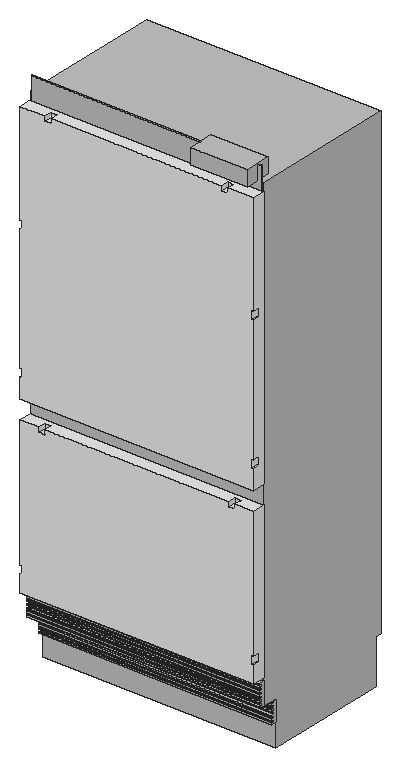
Revit family "FP_Revit_18_RS9120WRJ1_Fridge_90001179A", category Specialty Equipment, Revit 2018 (continued)
Definition of nested family "F&P Handle Kit - Contemporary Round - Horizontal"
  Parameters (values of type "25374 AHS-ASBI-A - Contemporary round handle (2 of 2) (Horizontal) 746mm")
    Manufacturer = "Fisher & Paykel Appliances"
    Description = "Kit for RS36A"
  Types (11, lengths in mm): name | Product - Width | Description
    (no name) | 746 | "Kit for RS36A"
    AHSRD2484W - Contemporary round handle (2 of 2) (Horizontal) 494mm | 494 | ""
    AHSRD3084W - Contemporary round handle (2 of 2) (Horizontal) 646mm | 646 | ""
    AHSRS3272A - Contemporary round handle (2 of 2) (Horizontal) 646mm | 646 | ""
    AHSRS80A - Contemporary round handle (2 of 2) (Horizontal) 646mm | 646 | ""
    AHSRD6121W - Contemporary round handle (2 of 2) (Horizontal) 494mm | 494 | ""
    AHSRD7621W - Contemporary round handle (2 of 2) (Horizontal) 646mm | 646 | ""
    25374 AHS-ASBI-A - Contemporary round handle (2 of 2) (Horizontal) 746mm | 746 | "Kit for RS36A"
    25329 AHS-ASBI-A - Contemporary round handle (2 of 2) (Horizontal) 746mm | 746 | "Kit for RS90"
    25380 AHS-ASBI-B - Contemporary round handle (2 of 2) (Horizontal) 746mm | 746 | "Kit for RS36"
    25339 AHS-ASBI-B - Contemporary round handle (2 of 2) (Horizontal) 746mm | 746 | "Kit for RS9120W"
  Reference planes
    plane 1 "Center (Front/Back)": y = 0
    plane 2: z = 0
    plane 3 "Center (Left/Right)": x = 0
    plane 4 "Product LHS": x = -373
    plane 5 "Product RHS": x = 373
    plane 6 "LHS Standoff": x = -252.995
    plane 7 "RHS Standoff": x = 253.005
  Forms (mm)
    Extrusion 1, solid, material <- "Material - Handle"
      sketch origin (0, 0, 0) x (0, 1, 0) y (0, 0, 1)
        loop
          circle (-32.3, 0) r 8.7
      from -252.995 to 253.005
    Extrusion 2, solid, material <- "Material - Handle", detail levels fine
      sketch origin (0, 0, 0) x (0, 1, 0) y (0, 0, 1)
        loop
          line (0, 8.7) -> (-32.3, 8.7)
          arc (-32.3, 8.7) -> (-41, 0) -> (-32.3, -8.7) r 8.7
          line (-32.3, -8.7) -> (0, -8.7) -> (0, 8.7)
      from 253.005 to 373
    Extrusion 3, solid, material <- "Material - Handle", detail levels fine
      sketch origin (0, 0, 0) x (0, 1, 0) y (0, 0, -1)
        loop
          line (0, -8.7) -> (0, 8.7) -> (-32.3, 8.7)
          arc (-32.3, 8.7) -> (-41, 0) -> (-32.3, -8.7) r 8.7
          line (-32.3, -8.7) -> (0, -8.7)
      from 252.995 to 373
    Sweep 4, void
      path in 3D
        loop
          line (373, 0, 8.7) -> (373, -32.3, 8.7)
          arc (373, -32.3, 8.7) -> (373, -41, 0) -> (373, -32.3, -8.7) r 8.7
          line (373, -32.3, -8.7) -> (373, 0, -8.7)
      profile origin (373, -16.15, 8.7) x (1, 0, 0) y (0, 0, 1)
        loop
          line (0, 0) -> (-1, 0) -> (0, -1) -> (0, 0)
    Sweep 5, void
      path in 3D
        loop
          line (-373, 0, -8.7) -> (-373, -32.3, -8.7)
          arc (-373, -32.3, -8.7) -> (-373, -41, 0) -> (-373, -32.3, 8.7) r 8.7
          line (-373, -32.3, 8.7) -> (-373, 0, 8.7)
      profile origin (-373, -16.15, 8.7) x (-1, 0, 0) y (0, 0, 1)
        loop
          line (0, 0) -> (-1, 0) -> (0, -1) -> (0, 0)
    Extrusion 6, solid, material <- "Material - Handle", detail levels coarse+medium
      sketch origin (0, 0, 0) x (0, 1, 0) y (0, 0, 1)
        loop
          line (0, 8.7) -> (-32.3, 8.7)
          arc (-32.3, 8.7) -> (-41, 0) -> (-32.3, -8.7) r 8.7
          line (-32.3, -8.7) -> (0, -8.7) -> (0, 8.7)
      from 253.005 to 373
    Extrusion 7, solid, material <- "Material - Handle", detail levels coarse+medium
      sketch origin (0, 0, 0) x (0, 1, 0) y (0, 0, -1)
        loop
          line (0, -8.7) -> (0, 8.7) -> (-32.3, 8.7)
          arc (-32.3, 8.7) -> (-41, 0) -> (-32.3, -8.7) r 8.7
          line (-32.3, -8.7) -> (0, -8.7)
      from 252.995 to 373
  Cuts and joins
    Sweep 4 cuts Extrusion 2
    Sweep 5 cuts Extrusion 3
  Lines and regions (mm)
    sketch lines
      curve 1: line (373, 0, 8.7) -> (373, -32.3, 8.7)
      curve 2: arc (373, -32.3, -8.7) -> (373, -41, 0) -> (373, -32.3, 8.7) r 8.7
      curve 3: line (373, -32.3, -8.7) -> (373, 0, -8.7)
      curve 4: line (-373, -32.3, 8.7) -> (-373, 0, 8.7)
      curve 5: arc (-373, -32.3, 8.7) -> (-373, -41, 0) -> (-373, -32.3, -8.7) r 8.7
      curve 6: line (-373, 0, -8.7) -> (-373, -32.3, -8.7)
  Dimensions and locks
    equal spacing: plane 4 "Product LHS", plane 3 "Center (Left/Right)", plane 5 "Product RHS"
    "Product - Width": plane 4 "Product LHS" to plane 5 "Product RHS"
    locked: plane 4 "Product LHS" to plane 6 "LHS Standoff" at 120.005
    locked: plane 7 "RHS Standoff" to plane 5 "Product RHS" at 119.995
    equal spacing: Extrusion 2 sketch curve, level, Extrusion 2 sketch curve
    Extrusion 3 sketch curve to Extrusion 3 sketch curve = 17.4 mm
    Extrusion 6 sketch curve to Extrusion 6 sketch curve = 17.4 mm
    Extrusion 7 sketch curve to Extrusion 7 sketch curve = 17.4 mm
    aligned and locked: level to plane 2
    aligned and locked: plane 7 "RHS Standoff" to Extrusion 1
    aligned and locked: Extrusion 2 to Extrusion 1
    aligned and locked: Extrusion 2 to plane 5 "Product RHS"
    aligned and locked: plane 4 "Product LHS" to Extrusion 3
    aligned and locked: plane 6 "LHS Standoff" to Extrusion 3
    aligned and locked: Extrusion 1 to plane 6 "LHS Standoff"
    aligned and locked: Extrusion 6 to Extrusion 1
    aligned and locked: Extrusion 6 to plane 5 "Product RHS"
    aligned and locked: plane 4 "Product LHS" to Extrusion 7
    aligned and locked: Extrusion 7 to Extrusion 1
  Automatic sketch dimensions
    Extrusion 1 sketch curve to level = 0 mm
    plane 1 "Center (Front/Back)" to Extrusion 1 sketch curve = 32.3 mm
    Extrusion 2 sketch curve to plane 1 "Center (Front/Back)" = 0 mm
    Extrusion 2 sketch curve to level = 8.7 mm
    plane 1 "Center (Front/Back)" to Extrusion 2 sketch curve = 32.3 mm
    Extrusion 3 sketch curve to level = 0 mm
    Extrusion 3 sketch curve to plane 1 "Center (Front/Back)" = 0 mm
    Extrusion 3 sketch curve to level = 8.7 mm
    plane 1 "Center (Front/Back)" to Extrusion 3 sketch curve = 32.3 mm
    Sweep 4 sketch curve to profile plane = 0 mm
    profile plane to Sweep 4 sketch curve = 0 mm
    profile plane to Sweep 4 sketch curve = 1 mm
    Sweep 4 sketch curve to profile plane = 1 mm
    Sweep 5 sketch curve to profile plane = 0 mm  (x2)
    profile plane to Sweep 5 sketch curve = 1 mm
    Sweep 5 sketch curve to profile plane = 1 mm
    Extrusion 6 sketch curve to level = 0 mm
    level to Extrusion 6 sketch curve = 8.7 mm
    plane 1 "Center (Front/Back)" to Extrusion 6 sketch curve = 32.3 mm
    Extrusion 6 sketch curve to Extrusion 6 sketch curve = 32.3 mm
    Extrusion 7 sketch curve to level = 0 mm
    level to Extrusion 7 sketch curve = 8.7 mm
    plane 1 "Center (Front/Back)" to Extrusion 7 sketch curve = 32.3 mm
    Extrusion 7 sketch curve to Extrusion 7 sketch curve = 32.3 mm
    radius of Extrusion 1 sketch curve = 8.7 mm
Definition of nested family "F&P Handle Kit - Contemporary Round - Vertical"
  Parameters (values of type "25329 AHS-ASBI-A - Contemporary round handle (1 of 2) (Vertical) 727mm")
    URL = "www.fisherpaykel.com"
    Material - Handle = none
    Manufacturer = "Fisher & Paykel Appliances"
    Handle - Length = 727 mm
    Description = "Kit for RS90A"
  Types (12, lengths in mm): name | Handle - Length | Description
    AHS-RD21 - Contemporary round handle (Vertical) 852mm | 852 | ""
    AHSRD2484W - Contemporary round handle (1 of 2) (Vertical) 727mm | 727 | ""
    AHSRD3084W - Contemporary round handle (1 of 2) (Vertical) 727mm | 727 | ""
    AHS-RD84 - Contemporary round handle (Vertical) 852mm | 852 | ""
    AHSRS3272A - Contemporary round handle (1 of 2) (Vertical) 727mm | 727 | ""
    AHSRS80A - Contemporary round handle (1 of 2) (Vertical) 727mm | 727 | ""
    AHSRD6121W - Contemporary round handle (1 of 2) (Vertical) 727mm | 727 | ""
    AHSRD7621W - Contemporary round handle (1 of 2) (Vertical) 727mm | 727 | ""
    25329 AHS-ASBI-A - Contemporary round handle (1 of 2) (Vertical) 727mm | 727 | "Kit for RS90A"
    25374 AHS-ASBI-A - Contemporary round handle (1 of 2) (Vertical) 727mm | 727 | "kit for RS36A"
    25380 AHS-ASBI-B - Contemporary round handle (1 of 2) (Vertical) 727mm | 727 | "kit for RS36W"
    25339 AHS-ASBI-B - Contemporary round handle (1 of 2) (Vertical) 727mm | 727 | "Kit for RS9120"
  Reference planes
    plane 1 "Center (Front/Back)": y = 0
    plane 2: z = 0
    plane 3 "Center (Left/Right)": x = 0
    plane 4 "Top": z = 363.5
    plane 5 "Bottom": z = -363.5
    plane 6 "Top Standoff": z = 243.5
    plane 7 "Bottom Standoff": z = -243.5
  Forms (mm)
    Extrusion 1, solid, material <- "Material - Handle"
      sketch origin (0, 0, 0) x (1, 0, 0) y (0, 1, 0)
        loop
          circle (0, -32.3) r 8.7
      from -243.5 to 243.5
    Extrusion 2, solid, material <- "Material - Handle", detail levels fine
      sketch origin (0, 0, 0) x (1, 0, 0) y (0, 1, 0)
        loop
          line (-8.7, 0) -> (-8.7, -32.3)
          arc (-8.7, -32.3) -> (0, -41) -> (8.7, -32.3) r 8.7
          line (8.7, -32.3) -> (8.7, 0) -> (-8.7, 0)
      from 243.5 to 363.5
    Extrusion 3, solid, material <- "Material - Handle", detail levels fine
      sketch origin (0, 0, 0) x (1, 0, 0) y (0, 1, 0)
        loop
          line (-8.7, 0) -> (-8.7, -32.3)
          arc (-8.7, -32.3) -> (0, -41) -> (8.7, -32.3) r 8.7
          line (8.7, -32.3) -> (8.7, 0) -> (-8.7, 0)
      from -363.5 to -243.5
    Sweep 4, void
      path in 3D
        loop
          line (8.7, 0, -363.5) -> (8.7, -32.3, -363.5)
          arc (8.7, -32.3, -363.5) -> (0, -41, -363.5) -> (-8.7, -32.3, -363.5) r 8.7
          line (-8.7, -32.3, -363.5) -> (-8.7, 0, -363.5)
      profile origin (8.7, -16.15, -363.5) x (-1, 0, 0) y (0, 0, -1)
        loop
          line (0, 0) -> (0, -1) -> (1, 0) -> (0, 0)
    Sweep 5, void
      path in 3D
        loop
          line (-8.7, 0, 363.5) -> (-8.7, -32.3, 363.5)
          arc (-8.7, -32.3, 363.5) -> (0, -41, 363.5) -> (8.7, -32.3, 363.5) r 8.7
          line (8.7, -32.3, 363.5) -> (8.7, 0, 363.5)
      profile origin (8.7, -16.15, 363.5) x (-1, 0, 0) y (0, 0, 1)
        loop
          line (0, 0) -> (0, -1) -> (1, 0) -> (0, 0)
    Extrusion 6, solid, material <- "Material - Handle", detail levels coarse+medium
      sketch origin (0, 0, 0) x (1, 0, 0) y (0, 1, 0)
        loop
          line (-8.7, 0) -> (-8.7, -32.3)
          arc (-8.7, -32.3) -> (0, -41) -> (8.7, -32.3) r 8.7
          line (8.7, -32.3) -> (8.7, 0) -> (-8.7, 0)
      from 243.5 to 363.5
    Extrusion 7, solid, material <- "Material - Handle", detail levels coarse+medium
      sketch origin (0, 0, 0) x (1, 0, 0) y (0, 1, 0)
        loop
          line (-8.7, 0) -> (-8.7, -32.3)
          arc (-8.7, -32.3) -> (0, -41) -> (8.7, -32.3) r 8.7
          line (8.7, -32.3) -> (8.7, 0) -> (-8.7, 0)
      from -363.5 to -243.5
  Cuts and joins
    Sweep 4 cuts Extrusion 3
    Sweep 5 cuts Extrusion 2
  Lines and regions (mm)
    sketch lines
      curve 1: line (8.7, 0, -363.5) -> (8.7, -32.3, -363.5)
      curve 2: arc (-8.7, -32.3, -363.5) -> (0, -41, -363.5) -> (8.7, -32.3, -363.5) r 8.7
      curve 3: line (-8.7, -32.3, -363.5) -> (-8.7, 0, -363.5)
      curve 4: line (8.7, -32.3, 363.5) -> (8.7, 0, 363.5)
      curve 5: arc (8.7, -32.3, 363.5) -> (0, -41, 363.5) -> (-8.7, -32.3, 363.5) r 8.7
      curve 6: line (-8.7, 0, 363.5) -> (-8.7, -32.3, 363.5)
  Dimensions and locks
    equal spacing: plane 4 "Top", level, plane 5 "Bottom"
    "Handle - Length": plane 4 "Top" to plane 5 "Bottom"
    locked: plane 4 "Top" to plane 6 "Top Standoff" at 120
    locked: plane 7 "Bottom Standoff" to plane 5 "Bottom" at 120
    Extrusion 2 sketch curve to Extrusion 2 sketch curve = 17.4 mm
    Extrusion 3 sketch curve to Extrusion 3 sketch curve = 17.4 mm
    Extrusion 6 sketch curve to Extrusion 6 sketch curve = 17.4 mm
    Extrusion 7 sketch curve to Extrusion 7 sketch curve = 17.4 mm
    aligned and locked: level to plane 2
    aligned and locked: plane 4 "Top" to Extrusion 2
    aligned and locked: Extrusion 3 to plane 5 "Bottom"
    aligned and locked: plane 7 "Bottom Standoff" to Extrusion 3
    aligned and locked: Extrusion 1 to plane 7 "Bottom Standoff"
    aligned and locked: plane 6 "Top Standoff" to Extrusion 1
    aligned and locked: Extrusion 2 to Extrusion 1
    aligned and locked: Extrusion 6 to Extrusion 1
    aligned and locked: plane 4 "Top" to Extrusion 6
    aligned and locked: Extrusion 7 to Extrusion 1
    aligned and locked: Extrusion 7 to plane 5 "Bottom"
  Automatic sketch dimensions
    Extrusion 1 sketch curve to plane 3 "Center (Left/Right)" = 0 mm
    plane 1 "Center (Front/Back)" to Extrusion 1 sketch curve = 32.3 mm
    plane 1 "Center (Front/Back)" to Extrusion 2 sketch curve = 0 mm
    Extrusion 2 sketch curve to plane 3 "Center (Left/Right)" = 0 mm
    Extrusion 2 sketch curve to plane 3 "Center (Left/Right)" = 8.7 mm
    plane 1 "Center (Front/Back)" to Extrusion 2 sketch curve = 32.3 mm
    plane 1 "Center (Front/Back)" to Extrusion 3 sketch curve = 0 mm
    Extrusion 3 sketch curve to plane 3 "Center (Left/Right)" = 0 mm
    Extrusion 3 sketch curve to plane 3 "Center (Left/Right)" = 8.7 mm
    plane 1 "Center (Front/Back)" to Extrusion 3 sketch curve = 32.3 mm
    Sweep 4 sketch curve to profile plane = 0 mm  (x2)
    Sweep 4 sketch curve to profile plane = 1 mm  (x2)
    Sweep 5 sketch curve to profile plane = 0 mm  (x2)
    Sweep 5 sketch curve to profile plane = 1 mm  (x2)
    Extrusion 6 sketch curve to plane 3 "Center (Left/Right)" = 0 mm
    Extrusion 6 sketch curve to plane 3 "Center (Left/Right)" = 8.7 mm
    plane 1 "Center (Front/Back)" to Extrusion 6 sketch curve = 32.3 mm
    Extrusion 6 sketch curve to Extrusion 6 sketch curve = 32.3 mm
    Extrusion 7 sketch curve to plane 3 "Center (Left/Right)" = 0 mm
    Extrusion 7 sketch curve to plane 3 "Center (Left/Right)" = 8.7 mm
    plane 1 "Center (Front/Back)" to Extrusion 7 sketch curve = 32.3 mm
    Extrusion 7 sketch curve to Extrusion 7 sketch curve = 32.3 mm
    radius of Extrusion 1 sketch curve = 8.7 mm
Definition of nested family "Visibility Control Note 18"
  Reference planes
    plane 1: y = 0
    plane 2: x = 0
  Text (mm)
    text "Edit Type: \nTo control handle kit \nand door panel visibility\n options\n\nDelete unwanted kits \nto reduce file size" at (-0.165, 35.556, 0)
